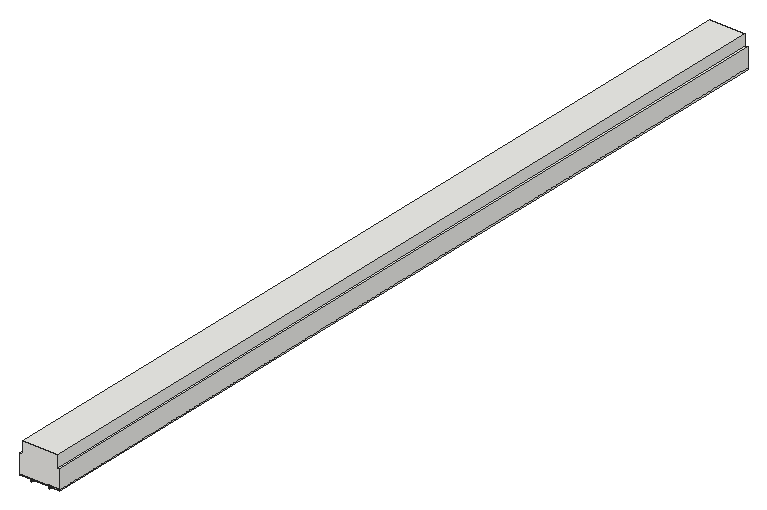
Revit family "MADEL_DIFFUSER_HIDDEN LINEAR_LOOK-SM_0", category Air Terminals, Revit 2015
Parameters (values of type "LOOK-SM 20x1000")
  n_factor = 27.054
  m_factor = 1.9026
  c_factor = 7.2288
  b_factor = -0.14546
  Width_Connector = 1000.0 mm
  Vmin = 2.5 m/s  # constant formula
  Vmed = 3.5 m/s  # constant formula
  Vmax = 4.5 m/s  # constant formula
  V[m/s] [instance] = Q / Afree / 1.0 m/s  # 3.5
  URL = "http://www.madel.com/en/producto/look-hidden-linear-diffusers/"
  Standard = "UNE 23-727 M2/ NFP 92-501 M2/ DIN 4102 M2"  # constant formula
  Revit Version = "Revit 2015 - English"  # constant formula
  Review Date = "11/2016"  # constant formula
  RAL [instance] = ""
  R9010 [instance] = no
  R9005 [instance] = no
  Q [instance] = 170.1 m³/h
  Product Type [instance] = Model  # "LOOK-SM 20x1000"
  Product Size = "20x1000"
  Product Reference [instance] = if(Nº Options = 2, if([(D)], if(AR, "LOOK-SM-AR-SM (D)", if(ARD, "LOOK-SM-ARD-SM (D)", if(INT, "LOOK-SM-INT-SM (D)", if(ARI, "LOOK-SM-ARI-SM (D)", "Consult Manufacturer")))), if([(PM)], if(AR, "LOOK-SM-AR-SM (PM)", if(ARD, "LOOK-SM-ARD-SM (PM)", if(INT, "LOOK-SM-INT-SM (PM)", if(ARI, "LOOK-SM-ARI-SM (PM)", "Consult Manufacturer")))), if([(L)], if(AR, "LOOK-SM-AR-SM (L)", if(ARD, "LOOK-SM-ARD-SM (L)", if(INT, "LOOK-SM-INT-SM (L)", if(ARI, "LOOK-SM-ARI-SM (L)", "Consult Manufacturer")))), "Consult Manufacturer"))), if(Nº Options = 1, if(AR, "LOOK-SM-AR-SM", if(ARD, "LOOK-SM-ARD-SM", if(INT, "LOOK-SM-INT-SM", if(ARI, "LOOK-SM-ARI-SM", "Consult Manufacturer")))), if(Nº Options = 0, "Seleccionar accesorio/s", "Consult Manufacturer")))  # "LOOK-SM-AR-SM"
  Nº Options [instance] = if(AR, 1, 0) + if(ARD, 1, 0) + if(INT, 1, 0) + if(ARI, 1, 0) + if([(D)], 1, 0) + if([(PM)], 1, 0) + if([(L)], 1, 0)  # 1
  Nº Finishes [instance] = if(R9005, 1, 0) + if(R9010, 1, 0) + if(M9016, 1, 0)  # 1
  Model = "LOOK-SM 20x1000"
  Material and finishes [instance] = if(and(R9005, Nº Finishes = 1), "R9005", if(and(R9010, Nº Finishes = 1), "R9010", if(and(M9016, Nº Finishes = 1), "M9016", if(Nº Finishes = 0, "Custom RAL", "Consult Manufacturer"))))  # "M9016"
  Material Difusser = MADEL_M9016
  Material Blades = MADEL_Negro Hueco
  M9016 [instance] = yes
  Lw (dB(A)) [instance] = n_factor * (log([V[m/s]]) / log(2.7183)) + c_factor  # 41.121
  L = 1000.0 mm
  Type Image = <None>
  IfcExportType = "IfcAirTerminalType"  # constant formula
  IfcExportAs = "IfcAirTerminalType"  # constant formula
  INT [instance] = no
  Height_Connector = 47.0 mm
  G_material = 1.2 mm
  G1 = 22.0 mm
  G = 34.8 mm
  Min Flow = Vmin * Afree  # 121.5 m³/h
  Max Flow = Vmax * Afree  # 218.7 m³/h
  Manufacturer = "MADEL"  # constant formula
  Family Version = "2.0"  # constant formula
  Description = "MADEL_Hidden linear diffusers"  # constant formula
  DPt [instance] = (10 ^ (log([V[m/s]]) * m_factor + b_factor)) * 1.0 Pa  # 7.75651 Pa
  Type Comments = "The LOOK hidden linear diffusers are designed to combine the aesthetics with the technical performance. They can be mounted in false ceilings hiding the frame with filler and leaving visible only the slot. They allow the formation of diffuser continuous lines, with active and inactive areas, without breaking the uniformity of the whole."  # constant formula
  Created by = "BIMETRICAL"  # constant formula
  C = 47.0 mm
  BIMETRICAL Category = "AirTerminal"  # constant formula
  BIMETRICAL = "http://www.bimetrical.com"  # constant formula
  B = 20.0 mm
  Afree_factor = 0.0135 m²
  Afree = Afree_factor * L / 1000.0 mm  # 0.0135 m²
  ARI [instance] = no
  ARD [instance] = no
  AR [instance] = if(or(ARD, ARI, INT), 1 = 0, 1 = 1)  # yes
  A = 55.0 mm
  (PM) [instance] = no
  (L) [instance] = no
  (D) [instance] = no
Types (12, lengths in mm): name | n_factor | m_factor | c_factor | b_factor | Width_Connector | Q | Product Type | Product Size | Model | Lw (dB(A)) | L | Height_Connector | G1 | G | Min Flow | Max Flow | DPt | C | B | Afree_factor | Afree | A
  LOOK-SM 20x2000 | 27.054 | 1.9026 | 7.2288 | -0.14546 | 2000.0 | 340.2 m³/h | "LOOK-SM 20x2000" | "20x2000" | "LOOK-SM 20x2000" | 41.121 | 2000.0 | 47.0 | 22.0 | 38.2 | 243 m³/h | 437.4 m³/h | 7.75651 Pa | 47.0 | 20.0 | 0.0135 m² | 0.0270 m² | 55.0
  LOOK-SM 30x2000 | 28.103 | 1.8538 | 4.5734 | 0.14092 | 2000.0 | 501.48 m³/h | "LOOK-SM 30x2000" | "30x2000" | "LOOK-SM 30x2000" | 39.7798 | 2000.0 | 76.0 | 26.0 | 45.2 | 358.2 m³/h | 644.76 m³/h | 14.1097 Pa | 76.0 | 30.0 | 0.0199 m² | 0.0398 m² | 84.0
  LOOK-SM 40x1500 | 30.365 | 1.899 | 0.3225 | 0.36284 | 1500.0 | 421.47 m³/h | "LOOK-SM 40x1500" | "40x1500" | "LOOK-SM 40x1500" | 38.3626 | 1500.0 | 86.0 | 26.0 | 45.2 | 301.05 m³/h | 541.89 m³/h | 24.8905 Pa | 86.0 | 40.0 | 0.0223 m² | 0.03345 m² | 94.0
  LOOK-SM 40x2000 | 30.365 | 1.899 | 0.3225 | 0.36284 | 2000.0 | 561.96 m³/h | "LOOK-SM 40x2000" | "40x2000" | "LOOK-SM 40x2000" | 38.3626 | 2000.0 | 86.0 | 26.0 | 45.2 | 401.4 m³/h | 722.52 m³/h | 24.8905 Pa | 86.0 | 40.0 | 0.0223 m² | 0.0446 m² | 94.0
  LOOK-SM 20x500 | 27.054 | 1.9026 | 7.2288 | -0.14546 | 500.0 | 85.05 m³/h | "LOOK-SM 20x500" | "20x500" | "LOOK-SM 20x500" | 41.121 | 500.0 | 47.0 | 22.0 | 38.2 | 60.75 m³/h | 109.35 m³/h | 7.75651 Pa | 47.0 | 20.0 | 0.0135 m² | 0.00675 m² | 55.0
  LOOK-SM 20x1000 | 27.054 | 1.9026 | 7.2288 | -0.14546 | 1000.0 | 170.1 m³/h | "LOOK-SM 20x1000" | "20x1000" | "LOOK-SM 20x1000" | 41.121 | 1000.0 | 47.0 | 22.0 | 34.8 | 121.5 m³/h | 218.7 m³/h | 7.75651 Pa | 47.0 | 20.0 | 0.0135 m² | 0.0135 m² | 55.0
  LOOK-SM 20x1500 | 27.054 | 1.9026 | 7.2288 | -0.14546 | 1500.0 | 255.15 m³/h | "LOOK-SM 20x1500" | "20x1500" | "LOOK-SM 20x1500" | 41.121 | 1500.0 | 47.0 | 22.0 | 38.2 | 182.25 m³/h | 328.05 m³/h | 7.75651 Pa | 47.0 | 20.0 | 0.0135 m² | 0.02025 m² | 55.0
  LOOK-SM 30x1000 | 28.103 | 1.8538 | 4.5734 | 0.14092 | 1000.0 | 250.74 m³/h | "LOOK-SM 30x1000" | "30x1000" | "LOOK-SM 30x1000" | 39.7798 | 1000.0 | 76.0 | 26.0 | 45.2 | 179.1 m³/h | 322.38 m³/h | 14.1097 Pa | 76.0 | 30.0 | 0.0199 m² | 0.0199 m² | 84.0
  LOOK-SM 30x500 | 28.103 | 1.8538 | 4.5734 | 0.14092 | 500.0 | 125.37 m³/h | "LOOK-SM 30x500" | "30x500" | "LOOK-SM 30x500" | 39.7798 | 500.0 | 76.0 | 26.0 | 45.2 | 89.55 m³/h | 161.19 m³/h | 14.1097 Pa | 76.0 | 30.0 | 0.0199 m² | 0.00995 m² | 84.0
  LOOK-SM 30x1500 | 28.103 | 1.8538 | 4.5734 | 0.14092 | 1500.0 | 376.11 m³/h | "LOOK-SM 30x1500" | "30x1500" | "LOOK-SM 30x1500" | 39.7798 | 1500.0 | 76.0 | 26.0 | 45.2 | 268.65 m³/h | 483.57 m³/h | 14.1097 Pa | 76.0 | 30.0 | 0.0199 m² | 0.02985 m² | 84.0
  LOOK-SM 40x500 | 30.365 | 1.899 | 0.3225 | 0.36284 | 500.0 | 140.49 m³/h | "LOOK-SM 40x500" | "40x500" | "LOOK-SM 40x500" | 38.3626 | 500.0 | 86.0 | 26.0 | 45.2 | 100.35 m³/h | 180.63 m³/h | 24.8905 Pa | 86.0 | 40.0 | 0.0223 m² | 0.01115 m² | 94.0
  LOOK-SM 40x1000 | 30.365 | 1.899 | 0.3225 | 0.36284 | 1000.0 | 280.98 m³/h | "LOOK-SM 40x1000" | "40x1000" | "LOOK-SM 40x1000" | 38.3626 | 1000.0 | 86.0 | 26.0 | 45.2 | 200.7 m³/h | 361.26 m³/h | 24.8905 Pa | 86.0 | 40.0 | 0.0223 m² | 0.0223 m² | 94.0
Reference planes
  plane 1 "Centro (Frontal/Posterior)": z = -1.2
  plane 2: y = 245
  plane 3 "Centro (Izquierda/Derecha)": x = 0
  plane 4: z = 0
  plane 5: x = -20
  plane 6: x = 20
  plane 7: x = -23.5
  plane 8: x = 23.5
  plane 9: z = 22
  plane 10: z = 34.8
  plane 11: z = -3.4
  plane 12: x = -11.2
  plane 13: x = 11.2
  plane 14: y = -255
  plane 15: y = 745
  plane 16: x = -20.5
  plane 17: x = 20.5
  plane 18: x = -27.5
  plane 19: x = 27.5
  plane 20 "Linea simbolica 1": x = -10
  plane 21 "linea simbolica 2": x = 10
Forms (mm)
  Extrusion 1, solid, material "MADEL_M9016" <- "Material Difusser"
    sketch origin (0, 995, 5) x (1, 0, 0) y (0, 0, 1)
      loop
        line (-23.5, -6.2) -> (-11.2, -6.2) -> (-11.2, -8.4) -> (-10, -8.4) -> (-10, -5) -> (-23.5, -5) -> (-23.5, -6.2)
      loop
        line (23.5, -6.2) -> (23.5, -5) -> (10, -5) -> (10, -8.4) -> (11.2, -8.4) -> (11.2, -6.2) -> (23.5, -6.2)
    from 250 to 1250
  Extrusion 2, solid
    sketch origin (0, 0, 0) x (1, 0, 0) y (0, 1, 0)
      loop
        line (-2.5, 247.5) -> (-2.5, 242.5) -> (2.5, 242.5) -> (2.5, 247.5) -> (-2.5, 247.5)
    from 2.616 to 0
  Extrusion 3, solid, material "MADEL_Negro Hueco" <- "Material Blades"
    sketch origin (0, 0, 0) x (1, 0, 0) y (0, 1, 0)
      loop
        line (-10, 745) -> (-10, -255) -> (10, -255) -> (10, 745) -> (-10, 745)
    from -1.2 to 0
  Extrusion 4, solid, material "MADEL_M9016" <- "Material Difusser"
    sketch origin (0, 245, 5) x (1, 0, 0) y (0, 0, 1)
      loop
        line (-23.5, -5) -> (23.5, -5) -> (23.5, 17) -> (20.5, 17) -> (20.5, 29.8) -> (-20.5, 29.8) -> (-20.5, 17) -> (-23.5, 17) -> (-23.5, -5)
    from -500 to 500
Lines and regions (mm)
  symbolic lines
    curve 1: line (-10, -255, 0) -> (-10, 745, 0)
    curve 2: line (10, -255, 0) -> (10, 745, 0)
    curve 3: line (-27.5, -255, 0) -> (27.5, -255, 0)
    curve 4: line (-27.5, 745, 0) -> (-27.5, -255, 0)
    curve 5: line (27.5, 745, 0) -> (-27.5, 745, 0)
    curve 6: line (27.5, -255, 0) -> (27.5, 745, 0)
Dimensions and locks
  Extrusion 1 sketch curve to Extrusion 1 sketch curve = 1.2 mm  (x2)
  plane 1 "Centro (Frontal/Posterior)" to plane 11 = 2.2 mm
  "G": plane 10 to level
  "G1": plane 9 to plane 4
  equal spacing: plane 14, plane 2, plane 15
  "L": plane 14 to plane 15
  equal spacing: plane 8, plane 3 "Centro (Izquierda/Derecha)", plane 7
  equal spacing: plane 6, plane 3 "Centro (Izquierda/Derecha)", plane 5
  "C": plane 8 to plane 7
  equal spacing: plane 17, plane 3 "Centro (Izquierda/Derecha)", plane 16
  locked: plane 16 to plane 7 at 3
  equal spacing: plane 19, plane 3 "Centro (Izquierda/Derecha)", plane 18
  "A": plane 19 to plane 18
  "B": plane 20 "Linea simbolica 1" to plane 21 "linea simbolica 2"
  "G_material": plane 12 to plane 20 "Linea simbolica 1"
  "G_material": plane 13 to plane 21 "linea simbolica 2"
  equal spacing: plane 20 "Linea simbolica 1", plane 3 "Centro (Izquierda/Derecha)", plane 21 "linea simbolica 2"
  aligned and locked: plane 13 to Extrusion 1
  aligned and locked: Extrusion 1 to plane 14
  aligned and locked: plane 15 to Extrusion 1
  aligned and locked: plane 1 "Centro (Frontal/Posterior)" to Extrusion 1
  aligned and locked: curve 1 to plane 20 "Linea simbolica 1"
  aligned and locked: plane 21 "linea simbolica 2" to curve 2
  aligned and locked: Extrusion 1 to plane 20 "Linea simbolica 1"
  aligned and locked: Extrusion 1 to plane 21 "linea simbolica 2"
  aligned and locked: plane 4 to Extrusion 2
  aligned and locked: Extrusion 1 to plane 11  (x2)
  aligned and locked: Extrusion 1 sketch curve to level
  aligned and locked: Extrusion 3 sketch curve to plane 15
  aligned and locked: Extrusion 3 sketch curve to Extrusion 1  (x2)
  aligned and locked: plane 14 to Extrusion 3 sketch curve
  aligned and locked: plane 1 "Centro (Frontal/Posterior)" to Extrusion 3
  aligned and locked: level to Extrusion 3
  aligned and locked: plane 7 to Extrusion 4 sketch curve
  aligned and locked: Extrusion 4 sketch curve to plane 9
  aligned and locked: plane 9 to Extrusion 4 sketch curve
  aligned and locked: Extrusion 4 sketch curve to plane 10
  aligned and locked: plane 17 to Extrusion 4 sketch curve
  aligned and locked: plane 8 to Extrusion 4 sketch curve
  aligned and locked: plane 16 to Extrusion 4 sketch curve
  aligned and locked: Extrusion 4 sketch curve to plane 4
  aligned and locked: plane 15 to Extrusion 4
  aligned and locked: Extrusion 4 to plane 14
  aligned and locked: curve 3 to plane 14
  aligned and locked: curve 4 to plane 18
  aligned and locked: plane 15 to curve 5
  aligned and locked: curve 6 to plane 19
Automatic sketch dimensions
  Extrusion 2 sketch curve to plane 3 "Centro (Izquierda/Derecha)" = 2.5 mm
  plane 3 "Centro (Izquierda/Derecha)" to Extrusion 2 sketch curve = 2.5 mm
  plane 2 to Extrusion 2 sketch curve = 2.5 mm
  Extrusion 2 sketch curve to plane 2 = 2.5 mm
  Extrusion 1 sketch curve to plane 1 "Centro (Frontal/Posterior)" = 0.0 mm  (x2)
  Extrusion 1 sketch curve to plane 21 "linea simbolica 2" = 0.0 mm
  Extrusion 1 sketch curve to plane 11 = 0.0 mm  (x2)
  Extrusion 1 sketch curve to plane 7 = 0.0 mm
  plane 20 "Linea simbolica 1" to Extrusion 1 sketch curve = 0.0 mm
  Extrusion 1 sketch curve to level = 0.0 mm
  Extrusion 1 sketch curve to plane 8 = 0.0 mm
Connectors
  hvac at (0, 245, 0), driven by "Height_Connector", driven by "Width_Connector", driven by "Q", driven by "DPt"
    settings: on Extrusion 2, index 1, duct flow 170.1 m³/h, flow factor 0, pres drop 7.75651 Pa, loss coef 0, conn angle 0.00°, conn width 1000 mm, conn height 47 mm, conn diameter 609.6 mm, duct sys type 1, conn prof type 1, flow config 1, flow direction 1, loss method 4, conn ref index -1, conn util no, is conn primary yes, conn desc ""
